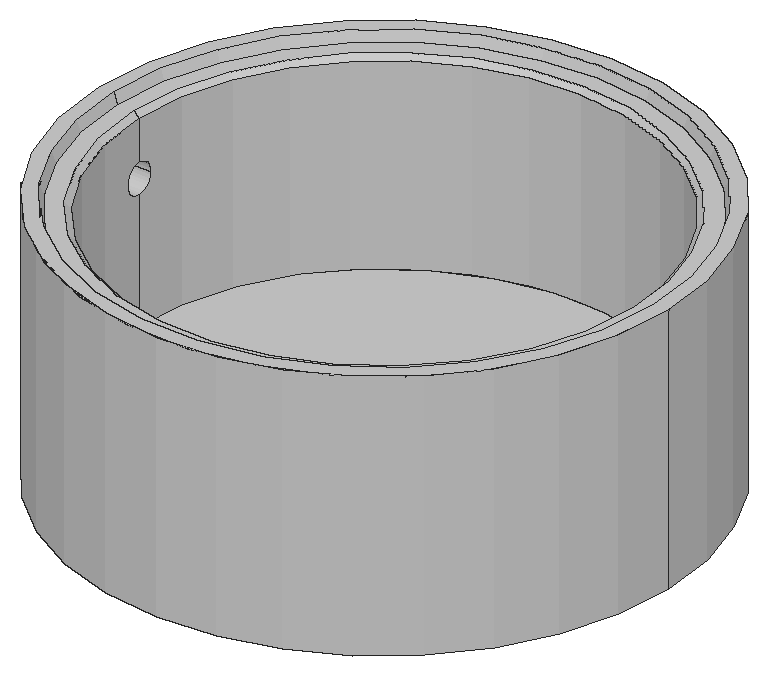
Revit family "KODF 10.5", category Фундамент несущей конструкции, Revit 2025
Family settings
  Материал для поведения модели = Прочее
  Заглушка = Нет
  Номер OmniClass = 23.25.05.00
  Заголовок OmniClass = Foundations
  На основе рабочей плоскости = Нет
  Всегда вертикально = Да
  При загрузке вырезать с полостями = Нет
  Общий = Нет
  Показывать семейство разрезанным на планах = Да
Parameters
  Петля = Петля_П1_П2 : П2
Reference planes
  plane 1 "По центру (Вперед/Назад)": y = -35
  plane 2: z = 0
  plane 3 "По центру (Влево/Вправо)": x = 0
  plane 4: z = 510
  plane 5: through (544.295, -4572, 490) normal (-0.9408, 0, 0.3389)
  plane 6: through (-544.295, -4572, 490) normal (-0.9408, 0, -0.3389)
  plane 7: z = 490
  plane 8: z = 480
  plane 9: through (-500, -4572, 480) normal (-0.7071, 0, -0.7071)
  plane 10: through (500, -4572, 480) normal (-0.7071, 0, 0.7071)
  plane 11: x = -500
  plane 12: x = 500
  plane 13: x = -580
  plane 14: x = 500
  plane 15: x = 580
  plane 16: z = 20
  plane 17: through (538, -4572, 0) normal (-0.9387, 0, 0.3447)
  plane 18: through (-538, -4572, 0) normal (-0.9387, 0, -0.3447)
  plane 19: x = 551.5
  plane 20: x = -551.5
  plane 21: x = 538
  plane 22: x = -538
  plane 23: z = 370
  plane 24: x = 570
  plane 25: x = -570
  plane 26: z = 100
  plane 27: x = -490
  plane 28: x = 210
  plane 29: x = -140
Forms (mm)
  Extrusion 1, solid, material "Бетон В15"
    sketch origin (0, 0, 0) x (1, 0, 0) y (0, 1, 0)
      loop
        circle (0, -35) r 580
      loop
        circle (0, -35) r 500
    from 0 to 510
  Blend 2, void
    base sketch origin (0, 0, 0) x (1, 0, 0) y (0, 1, 0)
      loop
        circle (0, -35) r 500
    top sketch origin (0, 0, 0) x (1, 0, 0) y (0, 1, 0)
      loop
        circle (0, -35) r 510
    from 480 to 490
  Blend 3, void
    base sketch origin (0, 0, 0) x (1, 0, 0) y (0, 1, 0)
      loop
        circle (0, -35) r 544.295
    top sketch origin (0, 0, 0) x (1, 0, 0) y (0, 1, 0)
      loop
        circle (0, -35) r 551.5
    from 490 to 510
  Extrusion 4, void
    sketch origin (0, 0, -20) x (0, 1, 0) y (0, 0, 1)
      loop
        circle (-35, 390) r 30
    from -570 to 570
  Extrusion 5, solid, material "Бетон В15"
    sketch origin (0, 0, 0) x (1, 0, 0) y (0, 1, 0)
      loop
        circle (0, -35) r 500
    from 0 to 100
Cuts and joins
  Blend 2, Blend 3, Extrusion 4 cuts Extrusion 1
  joined: Extrusion 1, Extrusion 5
Dimensions and locks
  plane 4 to level = 510 mm
  cut or joined group of Extrusion 1, Blend 2, Blend 3, Extrusion 4, Extrusion 5 to plane 23 = 370 mm
  plane 23 to level = 370 mm
  aligned and locked: plane 2 to level
